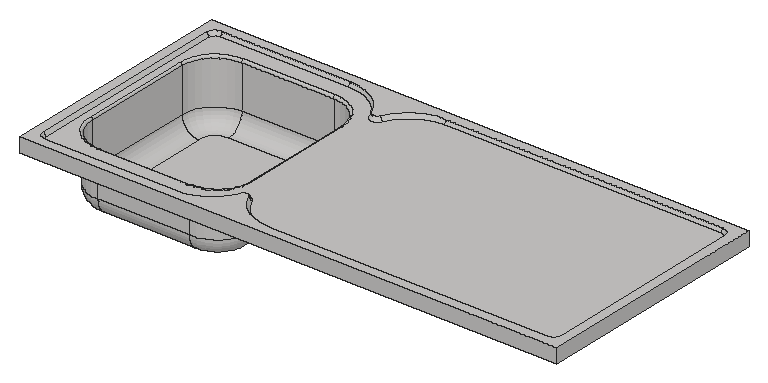
Revit family
Parameters (values of type "1200 X 535")
  Waste Connection Diameter = 40 mm
  Width Of Bowl = 400 mm
  Waste Connection Radius = Waste Connection Diameter / 2  # 20 mm
  Waste Connection = 1 = 1  # yes
  WFU = 0
  Vent Connection = 1 = 0  # no
  URL = "http://www.autospec.co.za/browse.php?id=1937217983"
  Product Code = "SSO-1200-SE"
  OmniClass Title = ""
  OmniClass Number = ""
  Modspec Classification = ""
  Specification = ""
  Material = Stainless Steel Grade 304
  Location (revit room) = ""
  Length Of Bowl = 355 mm
  HW Connection = 1 = 0  # no
  Description = ""
  Depth Of Bowl = 150 mm
  Colour = none
  CW Connection = 1 = 0  # no
  Body Finish = none
  Width = 535 mm
  Model = "Left Hand Sit-On Sink Single End Bowl SSO-1200-SE"
  Manufacturer = "Kwikot"  # constant formula
  Length = 1200 mm
  Assembly Code = "D2010410"
Reference planes
  plane 1 "Center (Front/Back)": y = 0
  plane 2 "Bottom": z = 0
  plane 3 "Center (Left/Right)": x = 0
  plane 4 "Right": x = 1200
  plane 5 "Back": y = 535
  plane 6 "Top": z = 150
  plane 7: z = 118
  plane 8: x = 47
  plane 9: x = 402
  plane 10: y = 267.5
  plane 11: y = 467.5
  plane 12: y = 67.5
  plane 13: x = 224.5
  plane 14: z = 142
Forms (mm)
  Sweep 1, solid, material "Stainless Steel Grade 304" <- "Material"
    path origin (-60.109, -1524, 150) x (-1, 0, 0) y (0, -1, 0)
      loop
        line (-60.109, -2059) -> (-60.109, -1524) -> (-1260.109, -1524) -> (-1260.109, -2059) -> (-60.109, -2059)
    profile origin (600, 535, 150) x (0, 1, 0) y (0, 0, 1)
      loop
        line (-15, 0) -> (-15, -10.5) -> (-2.5, -10.5) -> (-2.5, -29.5) -> (-10, -29.5) -> (-10, -32) -> (0, -32) -> (0, 0) -> (-15, 0)
  Extrusion 2, solid, material "Stainless Steel Grade 304" <- "Material"
    sketch origin (-60.109, -1524, 150) x (-1, 0, 0) y (0, -1, 0)
      loop
        line (-75.109, -1539) -> (-1245.109, -1539) -> (-1245.109, -2044) -> (-75.109, -2044) -> (-75.109, -1539)
    from 0 to -10.5
  Extrusion 3, void
    sketch origin (-60.109, -1524, 150) x (0, -1, 0) y (-1, 0, 0)
      loop
        line (-1991.5, -182.109) -> (-1991.5, -387.109)
        arc (-1991.5, -387.109) -> (-1969.533, -440.142) -> (-1916.5, -462.109) r 75
        line (-1916.5, -462.109) -> (-1666.5, -462.109)
        arc (-1666.5, -462.109) -> (-1613.467, -440.142) -> (-1591.5, -387.109) r 75
        line (-1591.5, -387.109) -> (-1591.5, -182.109)
        arc (-1591.5, -182.109) -> (-1613.467, -129.076) -> (-1666.5, -107.109) r 75
        line (-1666.5, -107.109) -> (-1916.5, -107.109)
        arc (-1916.5, -107.109) -> (-1969.533, -129.076) -> (-1991.5, -182.109) r 75
    from 0 to 10.5
  Sweep 4, solid, material "Stainless Steel Grade 304" <- "Material"
    path origin (-60.109, -1524, 150) x (-1, 0, 0) y (0, -1, 0)
      loop
        arc (-182.109, -1991.5) -> (-129.076, -1969.533) -> (-107.109, -1916.5) r 75
        line (-107.109, -1916.5) -> (-107.109, -1666.5)
        arc (-107.109, -1666.5) -> (-129.076, -1613.467) -> (-182.109, -1591.5) r 75
        line (-182.109, -1591.5) -> (-387.109, -1591.5)
        arc (-387.109, -1591.5) -> (-440.142, -1613.467) -> (-462.109, -1666.5) r 75
        line (-462.109, -1666.5) -> (-462.109, -1916.5)
        arc (-462.109, -1916.5) -> (-440.142, -1969.533) -> (-387.109, -1991.5) r 75
        line (-387.109, -1991.5) -> (-182.109, -1991.5)
    profile origin (224.5, 467.5, 150) x (0, 1, 0) y (0, 0, 1)
      loop
        line (0, -10.5) -> (0, -110)
        arc (0, -110) -> (-10.983, -136.517) -> (-37.5, -147.5) r 37.5
        line (-37.5, -147.5) -> (-37.5, -150)
        arc (-37.5, -150) -> (-9.216, -138.284) -> (2.5, -110) r 40
        line (2.5, -110) -> (2.5, -10.5) -> (0, -10.5)
  Extrusion 5, solid, material "Stainless Steel Grade 304" <- "Material"
    sketch origin (0, 0, 0) x (1, 0, 0) y (0, 1, 0)
      loop
        arc (84.5, 142.5) -> (95.483, 115.983) -> (122, 105) r 37.5
        line (122, 105) -> (327, 105)
        arc (327, 105) -> (353.517, 115.983) -> (364.5, 142.5) r 37.5
        line (364.5, 142.5) -> (364.5, 392.5)
        arc (364.5, 392.5) -> (353.517, 419.017) -> (327, 430) r 37.5
        line (327, 430) -> (122, 430)
        arc (122, 430) -> (95.483, 419.017) -> (84.5, 392.5) r 37.5
        line (84.5, 392.5) -> (84.5, 142.5)
      loop
        circle (327, 267.5) r 20
    from 0 to 2.5
  Blend 6, void
    base sketch origin (0, 0, 150) x (-1, 0, 0) y (0, -1, 0)
      loop
        line (-20, -495) -> (-20, -40)
        arc (-20, -40) -> (-25.858, -25.858) -> (-40, -20) r 20
        line (-40, -20) -> (-327, -20)
        arc (-327, -20) -> (-385.699, -37.44) -> (-425.351, -84.103) r 107.5
        arc (-425.351, -84.103) -> (-434.5, -90.066) -> (-443.649, -84.103) r 10
        arc (-443.649, -84.103) -> (-483.301, -37.44) -> (-542, -20) r 107.5
        line (-542, -20) -> (-1160, -20)
        arc (-1160, -20) -> (-1174.142, -25.858) -> (-1180, -40) r 20
        line (-1180, -40) -> (-1180, -495)
        arc (-1180, -495) -> (-1174.142, -509.142) -> (-1160, -515) r 20
        line (-1160, -515) -> (-542, -515)
        arc (-542, -515) -> (-483.301, -497.56) -> (-443.649, -450.897) r 107.5
        arc (-443.649, -450.897) -> (-434.5, -444.934) -> (-425.351, -450.897) r 10
        arc (-425.351, -450.897) -> (-385.699, -497.56) -> (-327, -515) r 107.5
        line (-327, -515) -> (-40, -515)
        arc (-40, -515) -> (-25.858, -509.142) -> (-20, -495) r 20
    top sketch origin (0, 0, 150) x (-1, 0, 0) y (0, -1, 0)
      loop
        line (-25, -495) -> (-25, -40)
        arc (-25, -40) -> (-29.393, -29.393) -> (-40, -25) r 15
        line (-40, -25) -> (-327, -25)
        arc (-327, -25) -> (-382.968, -41.629) -> (-420.777, -86.121) r 102.5
        arc (-420.777, -86.121) -> (-434.5, -95.066) -> (-448.223, -86.121) r 15
        arc (-448.223, -86.121) -> (-486.032, -41.629) -> (-542, -25) r 102.5
        line (-542, -25) -> (-1160, -25)
        arc (-1160, -25) -> (-1170.607, -29.393) -> (-1175, -40) r 15
        line (-1175, -40) -> (-1175, -495)
        arc (-1175, -495) -> (-1170.607, -505.607) -> (-1160, -510) r 15
        line (-1160, -510) -> (-542, -510)
        arc (-542, -510) -> (-486.032, -493.371) -> (-448.223, -448.879) r 102.5
        arc (-448.223, -448.879) -> (-434.5, -439.934) -> (-420.777, -448.879) r 15
        arc (-420.777, -448.879) -> (-382.968, -493.371) -> (-327, -510) r 102.5
        line (-327, -510) -> (-40, -510)
        arc (-40, -510) -> (-29.393, -505.607) -> (-25, -495) r 15
    from 0 to -8
  Extrusion 7, solid, material "Stainless Steel Grade 304" <- "Material"
    sketch origin (0, 0, 0) x (1, 0, 0) y (0, 1, 0)
      loop
        circle (327, 267.5) r 20
    from 0 to -5
  Sweep 8, void
    path origin (-60.109, -1524, 150) x (-1, 0, 0) y (0, -1, 0)
      loop
        line (-387.109, -1991.5) -> (-182.109, -1991.5)
        arc (-182.109, -1991.5) -> (-129.076, -1969.533) -> (-107.109, -1916.5) r 75
        line (-107.109, -1916.5) -> (-107.109, -1666.5)
        arc (-107.109, -1666.5) -> (-129.076, -1613.467) -> (-182.109, -1591.5) r 75
        line (-182.109, -1591.5) -> (-387.109, -1591.5)
        arc (-387.109, -1591.5) -> (-440.142, -1613.467) -> (-462.109, -1666.5) r 75
        line (-462.109, -1666.5) -> (-462.109, -1916.5)
        arc (-462.109, -1916.5) -> (-440.142, -1969.533) -> (-387.109, -1991.5) r 75
    profile origin (224.5, 467.5, 150) x (0, -1, 0) y (0, 0, 1)
      loop
        line (0, -8) -> (-5, -8)
        arc (-5, -8) -> (-1.464, -9.464) -> (0, -13) r 5
        line (0, -13) -> (0, -8)
Cuts and joins
  Extrusion 3, Blend 6, Sweep 8 cuts Sweep 1
  Extrusion 3, Blend 6, Sweep 8 cuts Extrusion 2
  Blend 6, Sweep 8 cuts Sweep 4
  Blend 6, Sweep 8 cuts Extrusion 5
  Sweep 8 cuts Extrusion 7
  joined: Sweep 1, Extrusion 2, Sweep 4, Extrusion 5, Extrusion 7
Lines and regions (mm)
  symbolic lines
    curve 1: line (0, 535, 150) -> (0, 0, 150)
    curve 2: line (0, 0, 150) -> (1200, 0, 150)
    curve 3: line (1200, 0, 150) -> (1200, 535, 150)
    curve 4: line (1200, 535, 150) -> (0, 535, 150)
    curve 5: line (20, 40, 150) -> (20, 495, 150)
    curve 6: line (25, 495, 150) -> (25, 40, 150)
    curve 7: arc (20, 495, 150) -> (25.858, 509.142, 150) -> (40, 515, 150) r 20
    curve 8: arc (40, 510, 150) -> (29.393, 505.607, 150) -> (25, 495, 150) r 15
    curve 9: line (40, 515, 150) -> (327, 515, 150)
    curve 10: line (327, 510, 150) -> (40, 510, 150)
    curve 11: arc (327, 515, 150) -> (385.699, 497.56, 150) -> (425.351, 450.897, 150) r 107.5
    curve 12: arc (420.777, 448.879, 150) -> (382.968, 493.371, 150) -> (327, 510, 150) r 102.5
    curve 13: arc (425.351, 450.897, 150) -> (434.5, 444.934, 150) -> (443.649, 450.897, 150) r 10
    curve 14: arc (448.223, 448.879, 150) -> (434.5, 439.934, 150) -> (420.777, 448.879, 150) r 15
    curve 15: arc (443.649, 450.897, 150) -> (483.301, 497.56, 150) -> (542, 515, 150) r 107.5
    curve 16: arc (542, 510, 150) -> (486.032, 493.371, 150) -> (448.223, 448.879, 150) r 102.5
    curve 17: line (542, 515, 150) -> (1160, 515, 150)
    curve 18: line (1160, 510, 150) -> (542, 510, 150)
    curve 19: arc (1160, 515, 150) -> (1174.142, 509.142, 150) -> (1180, 495, 150) r 20
    curve 20: arc (1175, 495, 150) -> (1170.607, 505.607, 150) -> (1160, 510, 150) r 15
    curve 21: line (1175, 40, 150) -> (1175, 495, 150)
    curve 22: line (1180, 495, 150) -> (1180, 40, 150)
    curve 23: arc (1180, 40, 150) -> (1174.142, 25.858, 150) -> (1160, 20, 150) r 20
    curve 24: arc (1160, 25, 150) -> (1170.607, 29.393, 150) -> (1175, 40, 150) r 15
    curve 25: line (1160, 20, 150) -> (542, 20, 150)
    curve 26: line (542, 25, 150) -> (1160, 25, 150)
    curve 27: arc (542, 20, 150) -> (483.301, 37.44, 150) -> (443.649, 84.103, 150) r 107.5
    curve 28: arc (448.223, 86.121, 150) -> (486.032, 41.629, 150) -> (542, 25, 150) r 102.5
    curve 29: arc (420.777, 86.121, 150) -> (434.5, 95.066, 150) -> (448.223, 86.121, 150) r 15
    curve 30: arc (443.649, 84.103, 150) -> (434.5, 90.066, 150) -> (425.351, 84.103, 150) r 10
    curve 31: arc (425.351, 84.103, 150) -> (385.699, 37.44, 150) -> (327, 20, 150) r 107.5
    curve 32: arc (327, 25, 150) -> (382.968, 41.629, 150) -> (420.777, 86.121, 150) r 102.5
    curve 33: line (327, 20, 150) -> (40, 20, 150)
    curve 34: line (40, 25, 150) -> (327, 25, 150)
    curve 35: arc (40, 20, 150) -> (25.858, 25.858, 150) -> (20, 40, 150) r 20
    curve 36: arc (25, 40, 150) -> (29.393, 29.393, 150) -> (40, 25, 150) r 15
    curve 37: line (47, 392.5, 150) -> (47, 142.5, 150)
    curve 38: arc (122, 467.5, 150) -> (68.967, 445.533, 150) -> (47, 392.5, 150) r 75
    curve 39: line (327, 467.5, 150) -> (122, 467.5, 150)
    curve 40: arc (402, 392.5, 150) -> (380.033, 445.533, 150) -> (327, 467.5, 150) r 75
    curve 41: line (402, 142.5, 150) -> (402, 392.5, 150)
    curve 42: arc (327, 67.5, 150) -> (380.033, 89.467, 150) -> (402, 142.5, 150) r 75
    curve 43: line (122, 67.5, 150) -> (327, 67.5, 150)
    curve 44: arc (47, 142.5, 150) -> (68.967, 89.467, 150) -> (122, 67.5, 150) r 75
    curve 52: arc (347, 267.5, 150) -> (327, 247.5, 150) -> (307, 267.5, 150) r 20
    curve 53: arc (307, 267.5, 150) -> (327, 287.5, 150) -> (347, 267.5, 150) r 20
  model lines
    curve 45: line (1155.771, 475, 142) -> (1155.771, 60, 142)
    curve 46: arc (542, 475, 142) -> (483.664, 450.836, 142) -> (459.5, 392.5, 142) r 82.5
    curve 47: arc (459.5, 142.5, 142) -> (483.664, 84.164, 142) -> (542, 60, 142) r 82.5
    curve 48: line (459.5, 392.5, 142) -> (459.5, 142.5, 142)
    curve 49: line (542, 475, 142) -> (1155.771, 475, 142)
    curve 50: line (542, 60, 142) -> (1155.771, 60, 142)
    curve 51: line (1155.771, 455, 142) -> (488.148, 455, 142)
    curve 54: line (1155.771, 430, 142) -> (468.515, 430, 142)
    curve 55: line (1155.771, 405, 142) -> (460.452, 405, 142)
    curve 56: line (1155.771, 380, 142) -> (459.5, 380, 142)
    curve 57: line (1155.771, 355, 142) -> (459.5, 355, 142)
    curve 58: line (1155.771, 330, 142) -> (459.5, 330, 142)
    curve 59: line (1155.771, 305, 142) -> (459.5, 305, 142)
    curve 60: line (1155.771, 280, 142) -> (459.5, 280, 142)
    curve 61: line (1155.771, 255, 142) -> (459.5, 255, 142)
    curve 62: line (1155.771, 230, 142) -> (459.5, 230, 142)
    curve 63: line (1155.771, 205, 142) -> (459.5, 205, 142)
    curve 64: line (1155.771, 180, 142) -> (459.5, 180, 142)
    curve 65: line (1155.771, 155, 142) -> (459.5, 155, 142)
    curve 66: line (1155.771, 130, 142) -> (459.5, 130, 142)
    curve 67: line (1155.771, 105, 142) -> (468.515, 105, 142)
    curve 68: line (1155.771, 80, 142) -> (488.148, 80, 142)
Dimensions and locks
  "Length": plane 3 "Center (Left/Right)" to plane 4 "Right"
  "Width": plane 5 "Back" to plane 1 "Center (Front/Back)"
  "Depth Of Bowl": plane 6 "Top" to plane 2 "Bottom"
  equal spacing: plane 1 "Center (Front/Back)", plane 10, plane 5 "Back"
  "Length Of Bowl": plane 8 to plane 9
  "Width Of Bowl": plane 11 to plane 12
  equal spacing: plane 11, plane 10, plane 12
  equal spacing: plane 8, plane 13, plane 9
  plane 6 "Top" to plane 7 = 32 mm
  Sweep 1 sketch curve to plane 5 "Back" = 10 mm
  Sweep 1 sketch curve to plane 5 "Back" = 15 mm
  plane 6 "Top" to Sweep 1 sketch curve = 10.5 mm
  Sweep 1 sketch curve to plane 5 "Back" = 2.5 mm
  plane 7 to Sweep 1 sketch curve = 2.5 mm
  Extrusion 5 sketch curve to plane 9 = 75 mm
  plane 3 "Center (Left/Right)" to Blend 6 sketch curve = 20 mm
  Blend 6 sketch curve to plane 4 "Right" = 20 mm
  plane 5 "Back" to Blend 6 sketch curve = 20 mm
  plane 1 "Center (Front/Back)" to Blend 6 sketch curve = 20 mm
  var sketch to Blend 6 sketch curve = 5 mm  (x3)
  Blend 6 sketch curve to var sketch = 5 mm
  plane 6 "Top" to plane 14 = 8 mm
  radius of Extrusion 3 sketch curve = 75 mm  (x4)
  radius of Sweep 4 sketch curve = 37.5 mm
  radius of Sweep 4 sketch curve = 40 mm
  "Waste Connection Radius": radius of Extrusion 5 sketch curve
  radius of Blend 6 sketch curve = 20 mm  (x4)
  radius of Blend 6 sketch curve = 15 mm  (x6)
  radius of Blend 6 sketch curve = 107.5 mm  (x4)
  radius of Blend 6 sketch curve = 10 mm  (x2)
  radius of Blend 6 sketch curve = 102.5 mm  (x4)
  aligned and locked: level to plane 2 "Bottom"
  aligned and locked: Sweep 1 sketch curve to plane 5 "Back"
  aligned and locked: plane 3 "Center (Left/Right)" to Sweep 1 sketch curve
  aligned and locked: Sweep 1 sketch curve to plane 1 "Center (Front/Back)"
  aligned and locked: plane 4 "Right" to Sweep 1 sketch curve
  aligned and locked: Sweep 1 sketch curve to profile plane
  aligned and locked: plane 7 to Sweep 1 sketch curve
  aligned and locked: profile plane to Sweep 1 sketch curve
  aligned and locked: Extrusion 2 sketch curve to Sweep 1  (x4)
  aligned and locked: Sweep 1 to Extrusion 2
  aligned and locked: Extrusion 2 to plane 6 "Top"
  aligned and locked: plane 11 to Extrusion 3 sketch curve
  aligned and locked: Extrusion 3 sketch curve to plane 8
  aligned and locked: Extrusion 3 sketch curve to plane 12
  aligned and locked: plane 9 to Extrusion 3 sketch curve
  aligned and locked: Sweep 1 to Extrusion 3
  aligned and locked: plane 6 "Top" to Extrusion 3
  aligned and locked: Sweep 4 sketch curve to cut or joined group of Sweep 1, Extrusion 2, Extrusion 3, Sweep 4, Extrusion 5, Blend 6, Extrusion 7, Sweep 8  (x5)
  aligned and locked: cut or joined group of Sweep 1, Extrusion 2, Extrusion 3, Sweep 4, Extrusion 5, Blend 6, Extrusion 7, Sweep 8 to Sweep 4 sketch curve
  aligned and locked: plane 2 "Bottom" to Sweep 4 sketch curve
  aligned and locked: Extrusion 5 sketch curve to cut or joined group of Sweep 1, Extrusion 2, Extrusion 3, Sweep 4, Extrusion 5, Blend 6, Extrusion 7, Sweep 8  (x4)
  aligned and locked: plane 10 to Extrusion 5 sketch curve
  aligned and locked: Blend 6 sketch curve to Blend 6 sketch curve  (x4)
  aligned and locked: curve 1 to cut or joined group of Sweep 1, Extrusion 2, Extrusion 3, Sweep 4, Extrusion 5, Blend 6, Extrusion 7, Sweep 8
  aligned and locked: curve 2 to cut or joined group of Sweep 1, Extrusion 2, Extrusion 3, Sweep 4, Extrusion 5, Blend 6, Extrusion 7, Sweep 8
  aligned and locked: curve 3 to cut or joined group of Sweep 1, Extrusion 2, Extrusion 3, Sweep 4, Extrusion 5, Blend 6, Extrusion 7, Sweep 8
  aligned and locked: curve 4 to cut or joined group of Sweep 1, Extrusion 2, Extrusion 3, Sweep 4, Extrusion 5, Blend 6, Extrusion 7, Sweep 8
  aligned and locked: curve 7 to cut or joined group of Sweep 1, Extrusion 2, Extrusion 3, Sweep 4, Extrusion 5, Blend 6, Extrusion 7, Sweep 8
  aligned and locked: curve 8 to cut or joined group of Sweep 1, Extrusion 2, Extrusion 3, Sweep 4, Extrusion 5, Blend 6, Extrusion 7, Sweep 8
  aligned and locked: curve 11 to cut or joined group of Sweep 1, Extrusion 2, Extrusion 3, Sweep 4, Extrusion 5, Blend 6, Extrusion 7, Sweep 8
  aligned and locked: curve 12 to cut or joined group of Sweep 1, Extrusion 2, Extrusion 3, Sweep 4, Extrusion 5, Blend 6, Extrusion 7, Sweep 8
  aligned and locked: curve 13 to cut or joined group of Sweep 1, Extrusion 2, Extrusion 3, Sweep 4, Extrusion 5, Blend 6, Extrusion 7, Sweep 8
  aligned and locked: curve 14 to cut or joined group of Sweep 1, Extrusion 2, Extrusion 3, Sweep 4, Extrusion 5, Blend 6, Extrusion 7, Sweep 8
  aligned and locked: curve 15 to cut or joined group of Sweep 1, Extrusion 2, Extrusion 3, Sweep 4, Extrusion 5, Blend 6, Extrusion 7, Sweep 8
  aligned and locked: curve 16 to cut or joined group of Sweep 1, Extrusion 2, Extrusion 3, Sweep 4, Extrusion 5, Blend 6, Extrusion 7, Sweep 8
  aligned and locked: curve 19 to cut or joined group of Sweep 1, Extrusion 2, Extrusion 3, Sweep 4, Extrusion 5, Blend 6, Extrusion 7, Sweep 8
  aligned and locked: curve 20 to cut or joined group of Sweep 1, Extrusion 2, Extrusion 3, Sweep 4, Extrusion 5, Blend 6, Extrusion 7, Sweep 8
  aligned and locked: curve 23 to cut or joined group of Sweep 1, Extrusion 2, Extrusion 3, Sweep 4, Extrusion 5, Blend 6, Extrusion 7, Sweep 8
  aligned and locked: curve 24 to cut or joined group of Sweep 1, Extrusion 2, Extrusion 3, Sweep 4, Extrusion 5, Blend 6, Extrusion 7, Sweep 8
  aligned and locked: curve 27 to cut or joined group of Sweep 1, Extrusion 2, Extrusion 3, Sweep 4, Extrusion 5, Blend 6, Extrusion 7, Sweep 8
  aligned and locked: curve 28 to cut or joined group of Sweep 1, Extrusion 2, Extrusion 3, Sweep 4, Extrusion 5, Blend 6, Extrusion 7, Sweep 8
  aligned and locked: curve 29 to cut or joined group of Sweep 1, Extrusion 2, Extrusion 3, Sweep 4, Extrusion 5, Blend 6, Extrusion 7, Sweep 8
  aligned and locked: curve 30 to cut or joined group of Sweep 1, Extrusion 2, Extrusion 3, Sweep 4, Extrusion 5, Blend 6, Extrusion 7, Sweep 8
  aligned and locked: curve 31 to cut or joined group of Sweep 1, Extrusion 2, Extrusion 3, Sweep 4, Extrusion 5, Blend 6, Extrusion 7, Sweep 8
  aligned and locked: curve 32 to cut or joined group of Sweep 1, Extrusion 2, Extrusion 3, Sweep 4, Extrusion 5, Blend 6, Extrusion 7, Sweep 8
  aligned and locked: curve 35 to cut or joined group of Sweep 1, Extrusion 2, Extrusion 3, Sweep 4, Extrusion 5, Blend 6, Extrusion 7, Sweep 8
  aligned and locked: curve 36 to cut or joined group of Sweep 1, Extrusion 2, Extrusion 3, Sweep 4, Extrusion 5, Blend 6, Extrusion 7, Sweep 8
  aligned and locked: curve 38 to cut or joined group of Sweep 1, Extrusion 2, Extrusion 3, Sweep 4, Extrusion 5, Blend 6, Extrusion 7, Sweep 8
  aligned and locked: curve 40 to cut or joined group of Sweep 1, Extrusion 2, Extrusion 3, Sweep 4, Extrusion 5, Blend 6, Extrusion 7, Sweep 8
  aligned and locked: curve 42 to cut or joined group of Sweep 1, Extrusion 2, Extrusion 3, Sweep 4, Extrusion 5, Blend 6, Extrusion 7, Sweep 8
  aligned and locked: curve 44 to cut or joined group of Sweep 1, Extrusion 2, Extrusion 3, Sweep 4, Extrusion 5, Blend 6, Extrusion 7, Sweep 8
  aligned and locked: Extrusion 7 sketch curve to cut or joined group of Sweep 1, Extrusion 2, Extrusion 3, Sweep 4, Extrusion 5, Blend 6, Extrusion 7, Sweep 8  (x2)
  aligned and locked: Sweep 8 sketch curve to cut or joined group of Sweep 1, Extrusion 2, Extrusion 3, Sweep 4, Extrusion 5, Blend 6, Extrusion 7, Sweep 8  (x4)
  aligned and locked: profile plane to Sweep 8 sketch curve
  aligned and locked: cut or joined group of Sweep 1, Extrusion 2, Extrusion 3, Sweep 4, Extrusion 5, Blend 6, Extrusion 7, Sweep 8 to Sweep 8 sketch curve
  aligned and locked: Blend 6 to Sweep 8
  aligned and locked: curve 52 to cut or joined group of Sweep 1, Extrusion 2, Extrusion 3, Sweep 4, Extrusion 5, Blend 6, Extrusion 7, Sweep 8
  aligned and locked: curve 53 to cut or joined group of Sweep 1, Extrusion 2, Extrusion 3, Sweep 4, Extrusion 5, Blend 6, Extrusion 7, Sweep 8
Automatic sketch dimensions
  Sweep 4 sketch curve to Sweep 4 sketch curve = 0 mm
  plane 9 to Blend 6 sketch curve = 41.649 mm  (x2)
  Blend 6 sketch curve to Blend 6 sketch curve = 0 mm  (x6)
  Blend 6 sketch curve to Blend 6 sketch curve = 18.298 mm
  Blend 6 sketch curve to Blend 6 sketch curve = 9.149 mm  (x2)
  Blend 6 sketch curve to Blend 6 sketch curve = 4.037 mm
  plane 9 to Blend 6 sketch curve = 46.223 mm  (x2)
  Blend 6 sketch curve to Blend 6 sketch curve = 13.723 mm  (x2)
  profile plane to Sweep 8 sketch curve = 5 mm
  Sweep 8 sketch curve to Sweep 8 sketch curve = 5 mm  (x2)
  Sweep 8 sketch curve to Sweep 8 sketch curve = 0 mm
  Sweep 8 sketch curve to profile plane = 0 mm
  plane 11 to curve 45 = 7.5 mm
  plane 4 "Right" to curve 45 = 44.229 mm
  plane 9 to curve 49 = 140 mm
  curve 47 to plane 12 = 7.5 mm
  plane 9 to curve 47 = 140 mm
  plane 12 to curve 68 = 12.5 mm
  curve 51 to plane 11 = 12.5 mm
  curve 51 to curve 54 = 19.633 mm
  curve 68 to curve 67 = 19.633 mm
  curve 55 to curve 48 = 0.952 mm
  curve 66 to curve 47 = 0 mm
  curve 46 to curve 56 = 12.5 mm
  curve 56 to curve 57 = 25 mm
  curve 57 to curve 58 = 25 mm
  curve 58 to curve 59 = 25 mm
  plane 10 to curve 60 = 12.5 mm
  curve 61 to plane 10 = 12.5 mm
  curve 61 to curve 62 = 25 mm
  curve 62 to curve 63 = 25 mm
  curve 63 to curve 64 = 25 mm
  curve 64 to curve 65 = 25 mm
  curve 65 to curve 66 = 25 mm
  curve 66 to curve 67 = 25 mm
Connectors
  piping at (327, 267.5, -5), driven by "Waste Connection Radius", driven by "WFU"
    settings: on cut or joined group of Sweep 1, Extrusion 2, Extrusion 3, Sweep 4, Extrusion 5, Blend 6, Extrusion 7, Sweep 8, index 1, connector radius 20 mm, flow factor 0, pipe flow 0.0 L/s, pressure drop 0.0 Pa, fitting loss kfactor 0, connector angle 0.00°, fixture units 0, flow configuration 3, flow direction 2, fitting loss method 4, system type 16, connector reference index -1, connector utility 0, adjustable connector no, is connector primary yes, fitting loss table "", connector description "Waste Connection"
